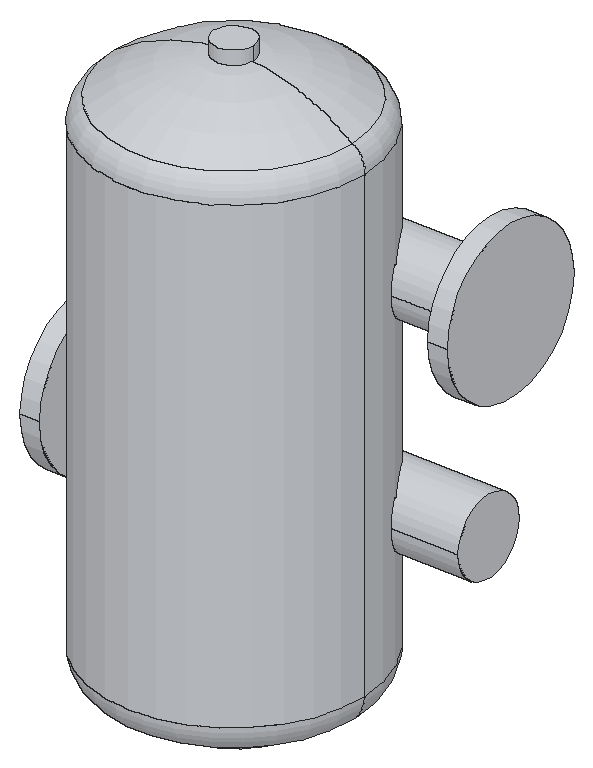
Revit family
Parameters (values of type "2.5-AS 125# W.P.")
  Weight = "70 lbs"
  Top to Inlet = 7.375"
  Top Connection Radius = 0.375"
  Top Connection Diameter = Top Connection Radius * 2  # 0.750"
  Tangential = yes
  Tank Height = 22.688"
  Tank Diameter = 10.000"
  Pipe Location off CL = 3.000"
  Outlet Pipe Flange Conn. Radius = Outlet Pipe Flange Conn / 2  # 1.250"
  Outlet Pipe Flange Conn = 2.500"
  Nipple Connection Radius = Nipple Connection Diameter / 2  # 1.000"
  Nipple Connection Diameter = 2.000"
  Model = "2.5\"-AS"
  Pressure Drop = "1.1"
  Max Operating Temp = "350 DEG F"
  Max Operating Pressure = "125 PSI"
  Manufacturer = "Amtrol"
  Inlet CL to Outlet CL = 8.000"
  Inlet Pipe Flange Conn = 2.500"
  Inlet Pipe Flange Conn. Radius = Inlet Pipe Flange Conn / 2  # 1.250"
  Flow (GPM) = "90"
  Flange to Flange Height = 16.313"
  CL to Outlet Flange = 8.156"
  Bottom Connection Radius = Bottom Connection Diameter / 2  # 0.375"
  Bottom Connection Diameter = 0.750"
  ASME = yes
Types (3): name | Max Operating Pressure
  (no name) | "125 PSI"
  2.5-AS 125# W.P. | "125 PSI"
  2.5-AS 150# W.P. 10 BAR | "150 PSI"
Reference planes (in)
  plane 1 "Center (Front/Back)": y = 0
  plane 2: z = 0
  plane 3 "Center (Left/Right)": x = 0
Forms (in)
  Revolve 1, solid
    sketch origin (0, 0, 0) x (1, 0, 0) y (0, 0, 1)
      loop
        line (0, 23.17548) -> (0, 0.48748)
        arc (0, 0.48748) -> (2.3562, 0.86066) -> (4.48177, 1.94366) r 7.625
        arc (4.48177, 1.94366) -> (4.85024, 2.37596) -> (5.00004, 2.92386) r 1.30442
        line (5.00004, 2.92386) -> (5.00004, 20.77392)
        arc (5.00004, 20.77392) -> (4.87779, 21.2809) -> (4.53792, 21.67644) r 1.11237
        arc (4.53792, 21.67644) -> (2.38955, 22.79102) -> (0, 23.17548) r 7.61816
      axis (0, 0.48748) -> (0, 23.17548)
    angle from 0 to 360
  Extrusion 2, solid
    sketch origin (0, 0, -1.34886) x (0, 1, 0) y (0, 0, 1)
      loop
        circle (3, 17.22591) r 1.44
    from 2.04863 to 7.4038
  Extrusion 3, solid
    sketch origin (1.57657, 0, 1.33708) x (0, 1, 0) y (0, 0, 1)
      loop
        circle (3, 6.56456) r 1.44
    from -8.98037 to 5.73597
  Extrusion 4, solid
    sketch origin (0, 0, 0) x (0, 1, 0) y (0, 0, 1)
      loop
        circle (3.00008, 15.9037) r 3
    from 7.4038 to 8.157
  Extrusion 5, solid
    sketch origin (0, 0, 0) x (0, 1, 0) y (0, 0, 1)
      loop
        circle (3, 7.96049) r 3
    from -7.4038 to -8.156
  Sweep 6, solid
    path origin (0, 0, 0) x (1, 0, 0) y (0, 0, 1)
      loop
        line (0, 23.1815) -> (0, 23.6875)
    profile origin (0, 0, 23.4345) x (-1, 0, 0) y (0, -1, 0)
      loop
        circle (0, 0) r 0.75
  Sweep 7, solid
    path origin (0, 0, 0) x (1, 0, 0) y (0, 0, 1)
      loop
        line (0, 0) -> (0, 0.5538)
    profile origin (0, 0, 0.2769) x (-1, 0, 0) y (0, -1, 0)
      loop
        circle (0, 0) r 0.75
Lines and regions (in)
  reference lines
    curve 1: line (-7.4038, 0, 7.875) -> (9.0962, 0, 7.875)
    curve 2: line (8.65956, 0, 15.875) -> (0, 0, 15.875)
Text (in)
  text "INLET" at (11.05624, 0, 17.22368), in view "Front"
  text "OUTLET" at (-19.15084, 0, 8.92051), in view "Front"
  text "STRAINER ACCESS" at (8.76901, 0, 7.23733), in view "Front"
Dimensions and locks (in)
  "Tank Height": Revolve 1 sketch curve to Revolve 1 sketch curve
  Revolve 1 sketch curve to Revolve 1 sketch curve = 6.50591"
  Revolve 1 sketch curve to level = 0.48748"
  "Pipe Location off CL": plane 1 "Center (Front/Back)" to Extrusion 2 sketch curve
  plane 1 "Center (Front/Back)" to Extrusion 3 sketch curve = 3.000"
  locked: Extrusion 3 to Revolve 1 at 2.3125
  Extrusion 5 sketch curve to plane 1 "Center (Front/Back)" = 3.000"
  Extrusion 4 sketch curve to plane 1 "Center (Front/Back)" = 3.00008"
  "CL to Outlet Flange": Extrusion 5 to plane 3 "Center (Left/Right)"
  Revolve 1 sketch curve to Revolve 1 sketch curve = 5.00004"
  aligned and locked: Extrusion 3 to curve 1
Automatic sketch dimensions
  level to Extrusion 2 sketch curve = 15.87705"
  level to Extrusion 3 sketch curve = 7.90165"
  curve 2 to plane 3 "Center (Left/Right)" = 0.000"
  curve 1 to plane 3 "Center (Left/Right)" = 7.4038"
  curve 2 to curve 2 = 8.65956"
  curve 2 to curve 1 = 0.43664"
  level to Extrusion 4 sketch curve = 15.9037"
  level to Extrusion 5 sketch curve = 7.96049"
  Sweep 6 sketch curve to plane 3 "Center (Left/Right)" = 0.000"
  level to Sweep 6 sketch curve = 23.1815"
  Sweep 6 sketch curve to Sweep 6 sketch curve = 0.506"
  plane 1 "Center (Front/Back)" to Sweep 6 sketch curve = 0.000"
  Sweep 6 sketch curve to profile plane = 0.000"
  Sweep 7 sketch curve to plane 3 "Center (Left/Right)" = 0.000"
  Sweep 7 sketch curve to level = 0.000"
  level to Sweep 7 sketch curve = 0.5538"
  plane 1 "Center (Front/Back)" to Sweep 7 sketch curve = 0.000"
  Sweep 7 sketch curve to profile plane = 0.000"
  level to curve 1 = 7.875"
  curve 1 to curve 2 = 8.000"
  Revolve 1 sketch curve to plane 3 "Center (Left/Right)" = 0.000"  (x2)
  Revolve 1 sketch curve to Revolve 1 sketch curve = 1.30295"
  Revolve 1 sketch curve to Revolve 1 sketch curve = 1.11237"
  Revolve 1 sketch curve to Revolve 1 sketch curve = 0.51826"
  Revolve 1 sketch curve to Revolve 1 sketch curve = 0.65025"
  Revolve 1 sketch curve to level = 0.06771"
  level to Revolve 1 sketch curve = 1.94366"
  Revolve 1 sketch curve to Revolve 1 sketch curve = 0.9802"
  Revolve 1 sketch curve to Revolve 1 sketch curve = 2.01931"
  radius of Extrusion 2 sketch curve = 1.440"
  radius of Extrusion 3 sketch curve = 1.440"
  radius of Extrusion 4 sketch curve = 3.000"
  radius of Extrusion 5 sketch curve = 3.000"
  radius of Sweep 6 sketch curve = 0.750"
  radius of Sweep 7 sketch curve = 0.750"
Connectors (in)
  piping at (8.157, 3.00008, 15.9037), driven by "Inlet Pipe Flange Conn. Radius"
    settings: on Extrusion 4, index 1
  piping at (7.31254, 3, 7.90165), driven by "Nipple Connection Radius"
    settings: on Extrusion 3, index 2
  piping at (0, 0, 23.6875), driven by "Top Connection Radius"
    settings: on Sweep 6, index 3
  piping at (-8.156, 3, 7.96049), driven by "Outlet Pipe Flange Conn. Radius"
    settings: on Extrusion 5, index 4
  piping at (0, 0, 0), driven by "Bottom Connection Radius"
    settings: on Sweep 7, index 5
